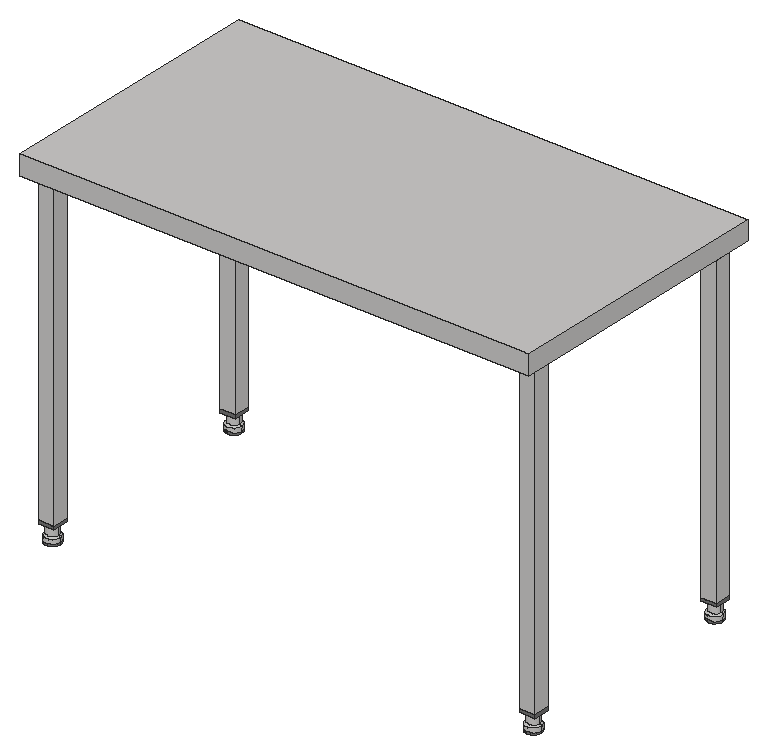
Revit family "QF_ZANUSSI_133220_TG1300N", category Attrezzature speciali, Revit 2020
Family settings
  Quota connettore circolare = Usa diametro
  Tipo di parte = Normale
  Basato su piano di lavoro = No
  Sempre verticale = Sì
  Taglio con vuoti quando caricato = No
  Condiviso = No
  Punto di calcolo locali = No
Parameters (values of type "Standard")
  Weight = 42.00 kg
  Watts = 0 W
  Volts = 0 V
  URL Manufacturer = "http://www.zanussiprofessional.com"
  URL = "http://www.zanussiprofessional.com"
  Steam Supply Size = 0 mm
  Steam Supply Minimum Pressure = 0.0 Pa
  Steam Supply Maximum Pressure = 0.0 Pa
  Steam Consumption per Hour = 0
  Refrigeration Suction Line Size = 0.0 mm
  Refrigeration Liquid Line Size = 0.0 mm
  Refrigerant Compressor Remote = yes
  Prospetto di default = 0.0 mm
  Produttore = "Zanussi"
  Phase = 0
  Modello = "TG1300N"
  Length Actual = 1300.0 mm  # constant formula
  Item Number = "133220"
  Hot Water Size = 0 mm
  Height Actual = 900.0 mm  # constant formula
  HP = "0 HP"
  Gas Size = 0 mm
  Gas KW = 0
  Gas Input Pressure = 0 W
  Direct Waste Size = 0 mm
  Descrizione = "WORK TABLE 1300 MM"
  Depth Actual = 700.0 mm  # constant formula
  Cycle = 0 Hz
  Condensate Return Size = 0 mm
  Compressed Air Volume = 0.0 L/s
  Compressed Air Size = 0 mm
  Compressed Air Pressure = 0.0 Pa
  Cold Water Size = 0 mm
  Accessory = yes
Reference planes
  plane 1 "Center (Front/Back)": y = 0
  plane 2: z = 0
  plane 3 "Center (Left/Right)": x = -150
  plane 4 "LEFT": x = -800
  plane 5 "RIGHT": x = 500
  plane 6 "BACK": y = 350
  plane 7 "FRONT": y = -350
  plane 8 "Base": z = 850
  plane 9 "TOP": z = 900
  plane 10: x = -764.5
  plane 11: x = 464.5
  plane 12: y = 290
  plane 13: y = -290
Forms (mm)
  Extrusion 1, solid, material "QF_Finishes_Stainless Steel"
    sketch origin (-150, 0, 0) x (0, 1, 0) y (0, 0, 1)
      loop
        line (-350, 850) -> (350, 850) -> (350, 900) -> (-350, 900) -> (-350, 850)
    from 650 to -650
Lines and regions (mm)
  symbolic lines
    curve 1: line (500, 350, 900) -> (-800, 350, 900)
    curve 2: line (-800, 350, 900) -> (-800, -350, 900)
    curve 3: line (-800, -350, 900) -> (500, -350, 900)
    curve 4: line (500, -350, 900) -> (500, 350, 900)
Dimensions and locks
  plane 4 "LEFT" to plane 5 "RIGHT" = 1300.0 mm
  equal spacing: plane 4 "LEFT", plane 3 "Center (Left/Right)", plane 5 "RIGHT"
  plane 4 "LEFT" to plane 10 = 35.5 mm
  plane 11 to plane 5 "RIGHT" = 35.5 mm
  plane 10 to plane 11 = 1229.0 mm
  locked: plane 9 "TOP" to level at 900
  plane 6 "BACK" to plane 12 = 60.0 mm
  plane 13 to plane 7 "FRONT" = 60.0 mm
  plane 6 "BACK" to plane 7 "FRONT" = 700.0 mm
  plane 12 to plane 13 = 580.0 mm
  equal spacing: plane 6 "BACK", plane 1 "Center (Front/Back)", plane 7 "FRONT"
  locked: plane 8 "Base" to level at 850
  aligned and locked: level to plane 2
  aligned and locked: plane 10 to nested 1
  aligned and locked: nested 1 to plane 13
  aligned and locked: plane 11 to nested 2
  aligned and locked: nested 2 to plane 13
  aligned and locked: plane 11 to nested 4
  aligned and locked: nested 4 to plane 12
  aligned and locked: plane 10 to nested 3
  aligned and locked: nested 3 to plane 12
  aligned and locked: Extrusion 1 to plane 4 "LEFT"
  aligned and locked: plane 5 "RIGHT" to Extrusion 1
  aligned and locked: curve 2 to plane 4 "LEFT"
Automatic sketch dimensions
  Extrusion 1 sketch curve to plane 7 "FRONT" = 0.0 mm
  Extrusion 1 sketch curve to plane 8 "Base" = 0.0 mm
  curve 3 to plane 7 "FRONT" = 0.0 mm
  curve 4 to plane 6 "BACK" = 0.0 mm
  Extrusion 1 sketch curve to plane 9 "TOP" = 0.0 mm
  Extrusion 1 sketch curve to plane 6 "BACK" = 0.0 mm
  curve 4 to plane 5 "RIGHT" = 0.0 mm
Nested families
  nested 1: "FEET_40x40_APP42" at (-764.5, -290, 0), type "FEET_40x40_APP42"
  nested 2: "FEET_40x40_APP42" at (464.5, -290, 0), type "FEET_40x40_APP42"
  nested 3: "FEET_40x40_APP42" at (-764.5, 290, 0), type "FEET_40x40_APP42"
  nested 4: "FEET_40x40_APP42" at (464.5, 290, 0), type "FEET_40x40_APP42"
Definition of nested family "FEET_40x40_APP42"
  Parameters
    Default Elevation = 0.0 mm
    FEET = 850.0 mm
  Reference planes
    plane 1 "Center (Front/Back)": y = 0
    plane 2: z = 0
    plane 3 "Center (Left/Right)": x = 0
    plane 4: z = 850
  Forms (mm)
    Extrusion 1, solid
      sketch origin (0, 0, 0) x (1, 0, 0) y (0, 1, 0)
        loop
          line (-20, -20) -> (20, -20) -> (20, 20) -> (-20, 20) -> (-20, -20)
      from 50 to 845
    Extrusion 2, solid
      sketch origin (0, 0, 0) x (1, 0, 0) y (0, 1, 0)
        loop
          circle (0, 0) r 20
      from 0 to 5
    Extrusion 3, solid
      sketch origin (0, 0, 0) x (1, 0, 0) y (0, 1, 0)
        loop
          line (30, 30) -> (-30, 30) -> (-30, -30) -> (30, -30) -> (30, 30)
      from 845 to 850
    Extrusion 4, solid
      sketch origin (0, 0, 0) x (1, 0, 0) y (0, 1, 0)
        loop
          line (-20, -20) -> (20, -20) -> (20, 20) -> (-20, 20) -> (-20, -20)
      from 50 to 42
    Revolve 5, solid
      sketch origin (0, 0, 0) x (1, 0, 0) y (0, 0, 1)
        loop
          line (0, 42) -> (-15, 42) -> (-15, 20) -> (-20, 15) -> (-20, 5) -> (0, 5) -> (0, 42)
        axis (0, 42) -> (0, 5)
      angle from 0 to 360
  Lines and regions (mm)
    symbolic lines
      curve 1: line (0, -1.503, 0) -> (0, 1.508, 0)
      curve 2: line (1.561, 0, 0) -> (-1.439, 0, 0)
  Dimensions and locks
    "FEET": plane 4 to plane 2
    aligned and locked: level to plane 2
  Automatic sketch dimensions
    plane 1 "Center (Front/Back)" to curve 2 = 0.0 mm
    curve 1 to plane 3 "Center (Left/Right)" = 0.0 mm
    curve 2 to plane 3 "Center (Left/Right)" = 1.439 mm
    plane 3 "Center (Left/Right)" to curve 2 = 1.561 mm
    plane 1 "Center (Front/Back)" to curve 1 = 1.503 mm
    curve 1 to plane 1 "Center (Front/Back)" = 1.508 mm
    Extrusion 1 sketch curve to plane 3 "Center (Left/Right)" = 20.0 mm
    plane 3 "Center (Left/Right)" to Extrusion 1 sketch curve = 20.0 mm
    plane 1 "Center (Front/Back)" to Extrusion 1 sketch curve = 20.0 mm
    Extrusion 1 sketch curve to plane 1 "Center (Front/Back)" = 20.0 mm
    plane 1 "Center (Front/Back)" to Extrusion 2 sketch curve = 0.0 mm
    Extrusion 2 sketch curve to plane 3 "Center (Left/Right)" = 0.0 mm
    Extrusion 3 sketch curve to plane 3 "Center (Left/Right)" = 30.0 mm
    plane 3 "Center (Left/Right)" to Extrusion 3 sketch curve = 30.0 mm
    plane 1 "Center (Front/Back)" to Extrusion 3 sketch curve = 30.0 mm
    Extrusion 3 sketch curve to plane 1 "Center (Front/Back)" = 30.0 mm
    Extrusion 4 sketch curve to plane 3 "Center (Left/Right)" = 20.0 mm
    plane 3 "Center (Left/Right)" to Extrusion 4 sketch curve = 20.0 mm
    plane 1 "Center (Front/Back)" to Extrusion 4 sketch curve = 20.0 mm
    Extrusion 4 sketch curve to plane 1 "Center (Front/Back)" = 20.0 mm
    Revolve 5 sketch curve to plane 3 "Center (Left/Right)" = 0.0 mm  (x2)
    Revolve 5 sketch curve to plane 3 "Center (Left/Right)" = 15.0 mm
    Revolve 5 sketch curve to Revolve 5 sketch curve = 5.0 mm  (x3)
    level to Revolve 5 sketch curve = 5.0 mm
    Revolve 5 sketch curve to Revolve 5 sketch curve = 10.0 mm
    Revolve 5 sketch curve to Revolve 5 sketch curve = 22.0 mm
    Revolve 5 sketch curve to level = 9.561 mm
    radius of Extrusion 2 sketch curve = 20.0 mm
